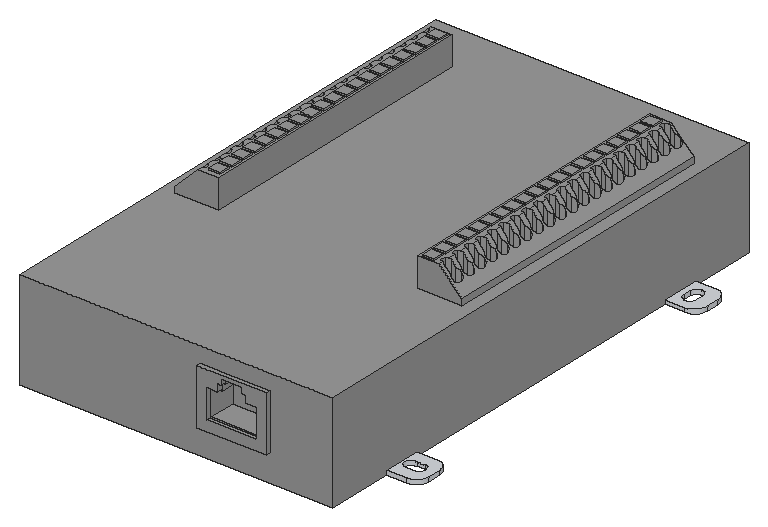
Revit family "IO Controler MS660404M", category Datengeräte, Revit 2023
Family settings
  Bemaßung runder Anschluss = Durchmesser verwenden
  Teiletyp = Normal
  OmniClass-Nummer = 23.85.50.17
  OmniClass-Titel = Communication and Data Processing Equipment
  Arbeitsebenenbasiert = Nein
  Immer vertikal = Ja
  Beim Laden mit Abzugskörper schneiden = Nein
  Beschriftungsausrichtung beibehalten = Nein
  Gemeinsam genutzt = Nein
  Raumberechnungspunkt = Nein
Parameters (values of type "I/O Controler MS660404M")
  Vorgabe-Ansicht = 0 mm
  Material 2 = Kunststoff
  Material = Metallverkleidung
  Interface 3 = "2x 24VDC Output"
  Hersteller = "MICROSENS"
  Beschreibung = "Smart I/O Controller Digital / Analog"
  Interface 4 = "1x 24VDC Input"
  Artikelnummer = "MS660404M"
  Interface 5 = "1x 10/100TX RJ-45 PoE+ PD"
  Interface 2 = "4x I/O Output"
  Interface 1 = "10x I/O Input"
Reference planes
  plane 1 "Mitte (Vorne/Hinten)": y = 0
  plane 2: z = 0
  plane 3 "Mitte (Links/Rechts)": x = 0
Forms (mm)
  Extrusion 1, solid, material "Kunststoff" <- "Material 2"
    sketch origin (3.16, 4.554, 0) x (1, 0, 0) y (0, 1, 0)
      loop
        line (-41.16, 58.646) -> (-41.16, -67.754) -> (34.875, -67.754) -> (34.875, 58.646) -> (-41.16, 58.646)
    from 0 to 23.973
  Extrusion 2, solid
    sketch origin (0, -0.01, 0) x (1, 0, 0) y (0, 1, 0)
      loop
        line (-38.035, 46.952) -> (-43.035, 46.952)
        arc (-43.035, 46.952) -> (-45.157, 46.073) -> (-46.035, 43.952) r 3
        line (-46.035, 43.952) -> (-46.035, 40.752)
        arc (-46.035, 40.752) -> (-45.157, 38.631) -> (-43.035, 37.752) r 3
        line (-43.035, 37.752) -> (-38.035, 37.752) -> (-38.035, 46.952)
      loop
        arc (-42.435, 43.952) -> (-44.035, 42.352) -> (-42.435, 40.752) r 1.6
        line (-42.435, 40.752) -> (-40.435, 40.752)
        arc (-40.435, 40.752) -> (-38.835, 42.352) -> (-40.435, 43.952) r 1.6
        line (-40.435, 43.952) -> (-42.435, 43.952)
    from 0 to 1
  Extrusion 3, solid
    sketch origin (0, -0.01, 0) x (-1, 0, 0) y (0, -1, 0)
      loop
        line (-38.035, -46.952) -> (-38.035, -37.752) -> (-43.035, -37.752)
        arc (-43.035, -37.752) -> (-45.157, -38.631) -> (-46.035, -40.752) r 3
        line (-46.035, -40.752) -> (-46.035, -43.952)
        arc (-46.035, -43.952) -> (-45.157, -46.073) -> (-43.035, -46.952) r 3
        line (-43.035, -46.952) -> (-38.035, -46.952)
      loop
        arc (-42.965, -43.363) -> (-41.365, -44.963) -> (-39.765, -43.363) r 1.6
        line (-39.765, -43.363) -> (-39.765, -41.363)
        arc (-39.765, -41.363) -> (-41.365, -39.763) -> (-42.965, -41.363) r 1.6
        line (-42.965, -41.363) -> (-42.965, -43.363)
    from 0 to 1
  Extrusion 4, solid
    sketch origin (0, 0.01, 0) x (-1, 0, 0) y (0, -1, 0)
      loop
        line (-38.035, 46.952) -> (-43.035, 46.952)
        arc (-43.035, 46.952) -> (-45.157, 46.073) -> (-46.035, 43.952) r 3
        line (-46.035, 43.952) -> (-46.035, 40.752)
        arc (-46.035, 40.752) -> (-45.157, 38.631) -> (-43.035, 37.752) r 3
        line (-43.035, 37.752) -> (-38.035, 37.752) -> (-38.035, 46.952)
      loop
        arc (-42.435, 43.952) -> (-44.035, 42.352) -> (-42.435, 40.752) r 1.6
        line (-42.435, 40.752) -> (-40.435, 40.752)
        arc (-40.435, 40.752) -> (-38.835, 42.352) -> (-40.435, 43.952) r 1.6
        line (-40.435, 43.952) -> (-42.435, 43.952)
    from 0 to 1
  Extrusion 5, solid, material "Metallverkleidung" <- "Material"
    sketch origin (0, 0.01, 0) x (1, 0, 0) y (0, 1, 0)
      loop
        line (-38, -46.952) -> (-38, -37.752) -> (-43.035, -37.752)
        arc (-43.035, -37.752) -> (-45.157, -38.631) -> (-46.035, -40.752) r 3
        line (-46.035, -40.752) -> (-46.035, -43.952)
        arc (-46.035, -43.952) -> (-45.157, -46.073) -> (-43.035, -46.952) r 3
        line (-43.035, -46.952) -> (-38, -46.952)
      loop
        arc (-39.835, -41.408) -> (-41.435, -39.808) -> (-43.035, -41.408) r 1.6
        line (-43.035, -41.408) -> (-43.035, -43.408)
        arc (-43.035, -43.408) -> (-41.435, -45.008) -> (-39.835, -43.408) r 1.6
        line (-39.835, -43.408) -> (-39.835, -41.408)
    from 0 to 1
  Extrusion 6, solid, material "Kunststoff" <- "Material 2"
    sketch origin (-1.331, 0, -2.5) x (1, 0, 0) y (0, 0, 1)
      loop
        line (36.207, 26.473) -> (36.207, 27.874) -> (30.627, 33.454) -> (25.541, 33.454) -> (25.541, 26.473) -> (36.207, 26.473)
    from -50.477 to 20.023
  Extrusion 7, solid, material "Kunststoff" <- "Material 2"
    sketch origin (0, 0, 0) x (1, 0, 0) y (0, 1, 0)
      loop
        line (24.915, -19.523) -> (27.715, -19.523) -> (27.715, -16.823) -> (24.915, -16.823) -> (24.915, -19.523)
    from 30.954 to 31.282
  Extrusion 8, solid, material "Kunststoff" <- "Material 2"
    sketch origin (0, 3.5, 0) x (1, 0, 0) y (0, 1, 0)
      loop
        line (24.915, -19.523) -> (27.715, -19.523) -> (27.715, -16.823) -> (24.915, -16.823) -> (24.915, -19.523)
    from 30.954 to 31.282
  Extrusion 9, solid, material "Kunststoff" <- "Material 2"
    sketch origin (0, 7, 0) x (1, 0, 0) y (0, 1, 0)
      loop
        line (24.915, -19.523) -> (27.715, -19.523) -> (27.715, -16.823) -> (24.915, -16.823) -> (24.915, -19.523)
    from 30.954 to 31.282
  Extrusion 10, solid, material "Kunststoff" <- "Material 2"
    sketch origin (0, 10.5, 0) x (1, 0, 0) y (0, 1, 0)
      loop
        line (24.915, -19.523) -> (27.715, -19.523) -> (27.715, -16.823) -> (24.915, -16.823) -> (24.915, -19.523)
    from 30.954 to 31.282
  Extrusion 11, solid, material "Kunststoff" <- "Material 2"
    sketch origin (0, 14, 0) x (1, 0, 0) y (0, 1, 0)
      loop
        line (24.915, -19.523) -> (27.715, -19.523) -> (27.715, -16.823) -> (24.915, -16.823) -> (24.915, -19.523)
    from 30.954 to 31.282
  Extrusion 12, solid, material "Kunststoff" <- "Material 2"
    sketch origin (0, 17.5, 0) x (1, 0, 0) y (0, 1, 0)
      loop
        line (24.915, -19.523) -> (27.715, -19.523) -> (27.715, -16.823) -> (24.915, -16.823) -> (24.915, -19.523)
    from 30.954 to 31.282
  Extrusion 13, solid, material "Kunststoff" <- "Material 2"
    sketch origin (0, 21, 0) x (1, 0, 0) y (0, 1, 0)
      loop
        line (24.915, -19.523) -> (27.715, -19.523) -> (27.715, -16.823) -> (24.915, -16.823) -> (24.915, -19.523)
    from 30.954 to 31.282
  Extrusion 14, solid, material "Kunststoff" <- "Material 2"
    sketch origin (0, 24.5, 0) x (1, 0, 0) y (0, 1, 0)
      loop
        line (24.915, -19.523) -> (27.715, -19.523) -> (27.715, -16.823) -> (24.915, -16.823) -> (24.915, -19.523)
    from 30.954 to 31.282
  Extrusion 15, solid, material "Kunststoff" <- "Material 2"
    sketch origin (0, 28, 0) x (1, 0, 0) y (0, 1, 0)
      loop
        line (24.915, -19.523) -> (27.715, -19.523) -> (27.715, -16.823) -> (24.915, -16.823) -> (24.915, -19.523)
    from 30.954 to 31.282
  Extrusion 16, solid, material "Kunststoff" <- "Material 2"
    sketch origin (0, 31.5, 0) x (1, 0, 0) y (0, 1, 0)
      loop
        line (24.915, -19.523) -> (27.715, -19.523) -> (27.715, -16.823) -> (24.915, -16.823) -> (24.915, -19.523)
    from 30.954 to 31.282
  Extrusion 17, solid, material "Kunststoff" <- "Material 2"
    sketch origin (0, 35, 0) x (1, 0, 0) y (0, 1, 0)
      loop
        line (24.915, -19.523) -> (27.715, -19.523) -> (27.715, -16.823) -> (24.915, -16.823) -> (24.915, -19.523)
    from 30.954 to 31.282
  Extrusion 18, solid, material "Kunststoff" <- "Material 2"
    sketch origin (0, 38.5, 0) x (1, 0, 0) y (0, 1, 0)
      loop
        line (24.915, -19.523) -> (27.715, -19.523) -> (27.715, -16.823) -> (24.915, -16.823) -> (24.915, -19.523)
    from 30.954 to 31.282
  Extrusion 19, solid, material "Kunststoff" <- "Material 2"
    sketch origin (0, 42, 0) x (1, 0, 0) y (0, 1, 0)
      loop
        line (24.915, -19.523) -> (27.715, -19.523) -> (27.715, -16.823) -> (24.915, -16.823) -> (24.915, -19.523)
    from 30.954 to 31.282
  Extrusion 20, solid, material "Kunststoff" <- "Material 2"
    sketch origin (0, 45.5, 0) x (1, 0, 0) y (0, 1, 0)
      loop
        line (24.915, -19.523) -> (27.715, -19.523) -> (27.715, -16.823) -> (24.915, -16.823) -> (24.915, -19.523)
    from 30.954 to 31.282
  Extrusion 21, solid, material "Kunststoff" <- "Material 2"
    sketch origin (0, 49, 0) x (1, 0, 0) y (0, 1, 0)
      loop
        line (24.915, -19.523) -> (27.715, -19.523) -> (27.715, -16.823) -> (24.915, -16.823) -> (24.915, -19.523)
    from 30.954 to 31.282
  Extrusion 22, solid, material "Kunststoff" <- "Material 2"
    sketch origin (0, 52.5, 0) x (1, 0, 0) y (0, 1, 0)
      loop
        line (24.915, -19.523) -> (27.715, -19.523) -> (27.715, -16.823) -> (24.915, -16.823) -> (24.915, -19.523)
    from 30.954 to 31.282
  Extrusion 23, solid, material "Kunststoff" <- "Material 2"
    sketch origin (0, 56, 0) x (1, 0, 0) y (0, 1, 0)
      loop
        line (24.915, -19.523) -> (27.715, -19.523) -> (27.715, -16.823) -> (24.915, -16.823) -> (24.915, -19.523)
    from 30.954 to 31.282
  Extrusion 24, solid, material "Kunststoff" <- "Material 2"
    sketch origin (0, 59.5, 0) x (1, 0, 0) y (0, 1, 0)
      loop
        line (24.915, -19.523) -> (27.715, -19.523) -> (27.715, -16.823) -> (24.915, -16.823) -> (24.915, -19.523)
    from 30.954 to 31.282
  Extrusion 25, solid, material "Kunststoff" <- "Material 2"
    sketch origin (0, 63, 0) x (1, 0, 0) y (0, 1, 0)
      loop
        line (24.915, -19.523) -> (27.715, -19.523) -> (27.715, -16.823) -> (24.915, -16.823) -> (24.915, -19.523)
    from 30.954 to 31.282
  Extrusion 26, solid, material "Kunststoff" <- "Material 2"
    sketch origin (0, 66.5, 0) x (1, 0, 0) y (0, 1, 0)
      loop
        line (24.915, -19.523) -> (27.715, -19.523) -> (27.715, -16.823) -> (24.915, -16.823) -> (24.915, -19.523)
    from 30.954 to 31.282
  Extrusion 27, void
    sketch origin (8.123, 3.438, 0) x (1, 0, 0) y (0, 1, 0)
      loop
        arc (20.475, -17.212) -> (20.392, -17.759) -> (20.463, -18.308) r 1.991
        line (20.463, -18.308) -> (21.388, -18.842) -> (22.682, -18.842) -> (23.589, -19.366) -> (24.372, -19.001) -> (24.787, -18.121)
        arc (24.787, -18.121) -> (24.798, -17.59) -> (24.714, -17.066) r 3
        line (24.714, -17.066) -> (24.308, -16.315) -> (23.48, -16.014) -> (22.7, -16.561) -> (21.406, -16.561) -> (20.475, -17.212)
    from 23.973 to 33.421
  Extrusion 28, void
    sketch origin (8.123, 6.938, 0) x (1, 0, 0) y (0, 1, 0)
      loop
        arc (20.475, -17.212) -> (20.392, -17.759) -> (20.463, -18.308) r 1.991
        line (20.463, -18.308) -> (21.388, -18.842) -> (22.682, -18.842) -> (23.589, -19.366) -> (24.372, -19.001) -> (24.787, -18.121)
        arc (24.787, -18.121) -> (24.798, -17.59) -> (24.714, -17.066) r 3
        line (24.714, -17.066) -> (24.308, -16.315) -> (23.48, -16.014) -> (22.7, -16.561) -> (21.406, -16.561) -> (20.475, -17.212)
    from 23.973 to 33.421
  Extrusion 29, void
    sketch origin (8.123, 10.438, 0) x (1, 0, 0) y (0, 1, 0)
      loop
        arc (20.475, -17.212) -> (20.392, -17.759) -> (20.463, -18.308) r 1.991
        line (20.463, -18.308) -> (21.388, -18.842) -> (22.682, -18.842) -> (23.589, -19.366) -> (24.372, -19.001) -> (24.787, -18.121)
        arc (24.787, -18.121) -> (24.798, -17.59) -> (24.714, -17.066) r 3
        line (24.714, -17.066) -> (24.308, -16.315) -> (23.48, -16.014) -> (22.7, -16.561) -> (21.406, -16.561) -> (20.475, -17.212)
    from 23.973 to 33.421
  Extrusion 30, void
    sketch origin (8.123, 13.938, 0) x (1, 0, 0) y (0, 1, 0)
      loop
        arc (20.475, -17.212) -> (20.392, -17.759) -> (20.463, -18.308) r 1.991
        line (20.463, -18.308) -> (21.388, -18.842) -> (22.682, -18.842) -> (23.589, -19.366) -> (24.372, -19.001) -> (24.787, -18.121)
        arc (24.787, -18.121) -> (24.798, -17.59) -> (24.714, -17.066) r 3
        line (24.714, -17.066) -> (24.308, -16.315) -> (23.48, -16.014) -> (22.7, -16.561) -> (21.406, -16.561) -> (20.475, -17.212)
    from 23.973 to 33.421
  Extrusion 31, void
    sketch origin (8.123, 17.438, 0) x (1, 0, 0) y (0, 1, 0)
      loop
        arc (20.475, -17.212) -> (20.392, -17.759) -> (20.463, -18.308) r 1.991
        line (20.463, -18.308) -> (21.388, -18.842) -> (22.682, -18.842) -> (23.589, -19.366) -> (24.372, -19.001) -> (24.787, -18.121)
        arc (24.787, -18.121) -> (24.798, -17.59) -> (24.714, -17.066) r 3
        line (24.714, -17.066) -> (24.308, -16.315) -> (23.48, -16.014) -> (22.7, -16.561) -> (21.406, -16.561) -> (20.475, -17.212)
    from 23.973 to 33.421
  Extrusion 32, void
    sketch origin (8.123, 20.938, 0) x (1, 0, 0) y (0, 1, 0)
      loop
        arc (20.475, -17.212) -> (20.392, -17.759) -> (20.463, -18.308) r 1.991
        line (20.463, -18.308) -> (21.388, -18.842) -> (22.682, -18.842) -> (23.589, -19.366) -> (24.372, -19.001) -> (24.787, -18.121)
        arc (24.787, -18.121) -> (24.798, -17.59) -> (24.714, -17.066) r 3
        line (24.714, -17.066) -> (24.308, -16.315) -> (23.48, -16.014) -> (22.7, -16.561) -> (21.406, -16.561) -> (20.475, -17.212)
    from 23.973 to 33.421
  Extrusion 33, void
    sketch origin (8.123, 24.438, 0) x (1, 0, 0) y (0, 1, 0)
      loop
        arc (20.475, -17.212) -> (20.392, -17.759) -> (20.463, -18.308) r 1.991
        line (20.463, -18.308) -> (21.388, -18.842) -> (22.682, -18.842) -> (23.589, -19.366) -> (24.372, -19.001) -> (24.787, -18.121)
        arc (24.787, -18.121) -> (24.798, -17.59) -> (24.714, -17.066) r 3
        line (24.714, -17.066) -> (24.308, -16.315) -> (23.48, -16.014) -> (22.7, -16.561) -> (21.406, -16.561) -> (20.475, -17.212)
    from 23.973 to 33.421
  Extrusion 34, void
    sketch origin (8.123, 27.938, 0) x (1, 0, 0) y (0, 1, 0)
      loop
        arc (20.475, -17.212) -> (20.392, -17.759) -> (20.463, -18.308) r 1.991
        line (20.463, -18.308) -> (21.388, -18.842) -> (22.682, -18.842) -> (23.589, -19.366) -> (24.372, -19.001) -> (24.787, -18.121)
        arc (24.787, -18.121) -> (24.798, -17.59) -> (24.714, -17.066) r 3
        line (24.714, -17.066) -> (24.308, -16.315) -> (23.48, -16.014) -> (22.7, -16.561) -> (21.406, -16.561) -> (20.475, -17.212)
    from 23.973 to 33.421
  Extrusion 35, void
    sketch origin (8.123, 31.438, 0) x (1, 0, 0) y (0, 1, 0)
      loop
        arc (20.475, -17.212) -> (20.392, -17.759) -> (20.463, -18.308) r 1.991
        line (20.463, -18.308) -> (21.388, -18.842) -> (22.682, -18.842) -> (23.589, -19.366) -> (24.372, -19.001) -> (24.787, -18.121)
        arc (24.787, -18.121) -> (24.798, -17.59) -> (24.714, -17.066) r 3
        line (24.714, -17.066) -> (24.308, -16.315) -> (23.48, -16.014) -> (22.7, -16.561) -> (21.406, -16.561) -> (20.475, -17.212)
    from 23.973 to 33.421
  Extrusion 36, void
    sketch origin (8.123, 34.938, 0) x (1, 0, 0) y (0, 1, 0)
      loop
        arc (20.475, -17.212) -> (20.392, -17.759) -> (20.463, -18.308) r 1.991
        line (20.463, -18.308) -> (21.388, -18.842) -> (22.682, -18.842) -> (23.589, -19.366) -> (24.372, -19.001) -> (24.787, -18.121)
        arc (24.787, -18.121) -> (24.798, -17.59) -> (24.714, -17.066) r 3
        line (24.714, -17.066) -> (24.308, -16.315) -> (23.48, -16.014) -> (22.7, -16.561) -> (21.406, -16.561) -> (20.475, -17.212)
    from 23.973 to 33.421
  Extrusion 37, void
    sketch origin (8.123, 38.438, 0) x (1, 0, 0) y (0, 1, 0)
      loop
        arc (20.475, -17.212) -> (20.392, -17.759) -> (20.463, -18.308) r 1.991
        line (20.463, -18.308) -> (21.388, -18.842) -> (22.682, -18.842) -> (23.589, -19.366) -> (24.372, -19.001) -> (24.787, -18.121)
        arc (24.787, -18.121) -> (24.798, -17.59) -> (24.714, -17.066) r 3
        line (24.714, -17.066) -> (24.308, -16.315) -> (23.48, -16.014) -> (22.7, -16.561) -> (21.406, -16.561) -> (20.475, -17.212)
    from 23.973 to 33.421
  Extrusion 38, void
    sketch origin (8.123, 41.938, 0) x (1, 0, 0) y (0, 1, 0)
      loop
        arc (20.475, -17.212) -> (20.392, -17.759) -> (20.463, -18.308) r 1.991
        line (20.463, -18.308) -> (21.388, -18.842) -> (22.682, -18.842) -> (23.589, -19.366) -> (24.372, -19.001) -> (24.787, -18.121)
        arc (24.787, -18.121) -> (24.798, -17.59) -> (24.714, -17.066) r 3
        line (24.714, -17.066) -> (24.308, -16.315) -> (23.48, -16.014) -> (22.7, -16.561) -> (21.406, -16.561) -> (20.475, -17.212)
    from 23.973 to 33.421
  Extrusion 39, void
    sketch origin (8.123, 45.438, 0) x (1, 0, 0) y (0, 1, 0)
      loop
        arc (20.475, -17.212) -> (20.392, -17.759) -> (20.463, -18.308) r 1.991
        line (20.463, -18.308) -> (21.388, -18.842) -> (22.682, -18.842) -> (23.589, -19.366) -> (24.372, -19.001) -> (24.787, -18.121)
        arc (24.787, -18.121) -> (24.798, -17.59) -> (24.714, -17.066) r 3
        line (24.714, -17.066) -> (24.308, -16.315) -> (23.48, -16.014) -> (22.7, -16.561) -> (21.406, -16.561) -> (20.475, -17.212)
    from 23.973 to 33.421
  Extrusion 40, void
    sketch origin (8.123, 48.938, 0) x (1, 0, 0) y (0, 1, 0)
      loop
        arc (20.475, -17.212) -> (20.392, -17.759) -> (20.463, -18.308) r 1.991
        line (20.463, -18.308) -> (21.388, -18.842) -> (22.682, -18.842) -> (23.589, -19.366) -> (24.372, -19.001) -> (24.787, -18.121)
        arc (24.787, -18.121) -> (24.798, -17.59) -> (24.714, -17.066) r 3
        line (24.714, -17.066) -> (24.308, -16.315) -> (23.48, -16.014) -> (22.7, -16.561) -> (21.406, -16.561) -> (20.475, -17.212)
    from 23.973 to 33.421
  Extrusion 41, void
    sketch origin (8.123, 52.438, 0) x (1, 0, 0) y (0, 1, 0)
      loop
        arc (20.475, -17.212) -> (20.392, -17.759) -> (20.463, -18.308) r 1.991
        line (20.463, -18.308) -> (21.388, -18.842) -> (22.682, -18.842) -> (23.589, -19.366) -> (24.372, -19.001) -> (24.787, -18.121)
        arc (24.787, -18.121) -> (24.798, -17.59) -> (24.714, -17.066) r 3
        line (24.714, -17.066) -> (24.308, -16.315) -> (23.48, -16.014) -> (22.7, -16.561) -> (21.406, -16.561) -> (20.475, -17.212)
    from 23.973 to 33.421
  Extrusion 42, void
    sketch origin (8.123, 55.938, 0) x (1, 0, 0) y (0, 1, 0)
      loop
        arc (20.475, -17.212) -> (20.392, -17.759) -> (20.463, -18.308) r 1.991
        line (20.463, -18.308) -> (21.388, -18.842) -> (22.682, -18.842) -> (23.589, -19.366) -> (24.372, -19.001) -> (24.787, -18.121)
        arc (24.787, -18.121) -> (24.798, -17.59) -> (24.714, -17.066) r 3
        line (24.714, -17.066) -> (24.308, -16.315) -> (23.48, -16.014) -> (22.7, -16.561) -> (21.406, -16.561) -> (20.475, -17.212)
    from 23.973 to 33.421
  Extrusion 43, void
    sketch origin (8.123, 59.438, 0) x (1, 0, 0) y (0, 1, 0)
      loop
        arc (20.475, -17.212) -> (20.392, -17.759) -> (20.463, -18.308) r 1.991
        line (20.463, -18.308) -> (21.388, -18.842) -> (22.682, -18.842) -> (23.589, -19.366) -> (24.372, -19.001) -> (24.787, -18.121)
        arc (24.787, -18.121) -> (24.798, -17.59) -> (24.714, -17.066) r 3
        line (24.714, -17.066) -> (24.308, -16.315) -> (23.48, -16.014) -> (22.7, -16.561) -> (21.406, -16.561) -> (20.475, -17.212)
    from 23.973 to 33.421
  Extrusion 44, void
    sketch origin (8.123, 62.938, 0) x (1, 0, 0) y (0, 1, 0)
      loop
        arc (20.475, -17.212) -> (20.392, -17.759) -> (20.463, -18.308) r 1.991
        line (20.463, -18.308) -> (21.388, -18.842) -> (22.682, -18.842) -> (23.589, -19.366) -> (24.372, -19.001) -> (24.787, -18.121)
        arc (24.787, -18.121) -> (24.798, -17.59) -> (24.714, -17.066) r 3
        line (24.714, -17.066) -> (24.308, -16.315) -> (23.48, -16.014) -> (22.7, -16.561) -> (21.406, -16.561) -> (20.475, -17.212)
    from 23.973 to 33.421
  Extrusion 45, void
    sketch origin (8.12, 66.501, 0) x (1, 0, 0) y (0, 1, 0)
      loop
        arc (20.475, -17.212) -> (20.392, -17.759) -> (20.463, -18.308) r 1.991
        line (20.463, -18.308) -> (21.388, -18.842) -> (22.682, -18.842) -> (23.589, -19.366) -> (24.372, -19.001) -> (24.787, -18.121)
        arc (24.787, -18.121) -> (24.798, -17.59) -> (24.714, -17.066) r 3
        line (24.714, -17.066) -> (24.308, -16.315) -> (23.48, -16.014) -> (22.7, -16.561) -> (21.406, -16.561) -> (20.475, -17.212)
    from 23.973 to 33.421
  Extrusion 46, void
    sketch origin (8.125, -0.119, 0) x (1, 0, 0) y (0, 1, 0)
      loop
        arc (20.475, -17.212) -> (20.392, -17.759) -> (20.463, -18.308) r 1.991
        line (20.463, -18.308) -> (21.388, -18.842) -> (22.682, -18.842) -> (23.589, -19.366) -> (24.372, -19.001) -> (24.787, -18.121)
        arc (24.787, -18.121) -> (24.798, -17.59) -> (24.714, -17.066) r 3
        line (24.714, -17.066) -> (24.308, -16.315) -> (23.48, -16.014) -> (22.7, -16.561) -> (21.406, -16.561) -> (20.475, -17.212)
    from 23.973 to 33.421
  Extrusion 47, solid, material "Kunststoff" <- "Material 2"
    sketch origin (1.26, 30.954, -2.5) x (-1, 0, 0) y (0, 0, 1)
      loop
        line (36.207, 26.473) -> (36.207, 27.874) -> (30.627, 33.454) -> (25.541, 33.454) -> (25.541, 26.473) -> (36.207, 26.473)
    from -50.977 to 20.023
  Extrusion 48, solid, material "Kunststoff" <- "Material 2"
    sketch origin (-0.071, 30.954, 0) x (-1, 0, 0) y (0, -1, 0)
      loop
        line (24.915, -19.523) -> (27.715, -19.523) -> (27.715, -16.823) -> (24.915, -16.823) -> (24.915, -19.523)
    from 30.954 to 31.282
  Extrusion 49, solid, material "Kunststoff" <- "Material 2"
    sketch origin (-0.071, 27.454, 0) x (-1, 0, 0) y (0, -1, 0)
      loop
        line (24.915, -19.523) -> (27.715, -19.523) -> (27.715, -16.823) -> (24.915, -16.823) -> (24.915, -19.523)
    from 30.954 to 31.282
  Extrusion 50, solid, material "Kunststoff" <- "Material 2"
    sketch origin (-0.071, 23.954, 0) x (-1, 0, 0) y (0, -1, 0)
      loop
        line (24.915, -19.523) -> (27.715, -19.523) -> (27.715, -16.823) -> (24.915, -16.823) -> (24.915, -19.523)
    from 30.954 to 31.282
  Extrusion 51, solid, material "Kunststoff" <- "Material 2"
    sketch origin (-0.071, 20.454, 0) x (-1, 0, 0) y (0, -1, 0)
      loop
        line (24.915, -19.523) -> (27.715, -19.523) -> (27.715, -16.823) -> (24.915, -16.823) -> (24.915, -19.523)
    from 30.954 to 31.282
  Extrusion 52, solid, material "Kunststoff" <- "Material 2"
    sketch origin (-0.071, 16.954, 0) x (-1, 0, 0) y (0, -1, 0)
      loop
        line (24.915, -19.523) -> (27.715, -19.523) -> (27.715, -16.823) -> (24.915, -16.823) -> (24.915, -19.523)
    from 30.954 to 31.282
  Extrusion 53, solid, material "Kunststoff" <- "Material 2"
    sketch origin (-0.071, 13.454, 0) x (-1, 0, 0) y (0, -1, 0)
      loop
        line (24.915, -19.523) -> (27.715, -19.523) -> (27.715, -16.823) -> (24.915, -16.823) -> (24.915, -19.523)
    from 30.954 to 31.282
  Extrusion 54, solid, material "Kunststoff" <- "Material 2"
    sketch origin (-0.071, 9.954, 0) x (-1, 0, 0) y (0, -1, 0)
      loop
        line (24.915, -19.523) -> (27.715, -19.523) -> (27.715, -16.823) -> (24.915, -16.823) -> (24.915, -19.523)
    from 30.954 to 31.282
  Extrusion 55, solid, material "Kunststoff" <- "Material 2"
    sketch origin (-0.071, 6.454, 0) x (-1, 0, 0) y (0, -1, 0)
      loop
        line (24.915, -19.523) -> (27.715, -19.523) -> (27.715, -16.823) -> (24.915, -16.823) -> (24.915, -19.523)
    from 30.954 to 31.282
  Extrusion 56, solid, material "Kunststoff" <- "Material 2"
    sketch origin (-0.071, 2.954, 0) x (-1, 0, 0) y (0, -1, 0)
      loop
        line (24.915, -19.523) -> (27.715, -19.523) -> (27.715, -16.823) -> (24.915, -16.823) -> (24.915, -19.523)
    from 30.954 to 31.282
  Extrusion 57, solid, material "Kunststoff" <- "Material 2"
    sketch origin (-0.071, -0.546, 0) x (-1, 0, 0) y (0, -1, 0)
      loop
        line (24.915, -19.523) -> (27.715, -19.523) -> (27.715, -16.823) -> (24.915, -16.823) -> (24.915, -19.523)
    from 30.954 to 31.282
  Extrusion 58, solid, material "Kunststoff" <- "Material 2"
    sketch origin (-0.071, -4.046, 0) x (-1, 0, 0) y (0, -1, 0)
      loop
        line (24.915, -19.523) -> (27.715, -19.523) -> (27.715, -16.823) -> (24.915, -16.823) -> (24.915, -19.523)
    from 30.954 to 31.282
  Extrusion 59, solid, material "Kunststoff" <- "Material 2"
    sketch origin (-0.071, -7.546, 0) x (-1, 0, 0) y (0, -1, 0)
      loop
        line (24.915, -19.523) -> (27.715, -19.523) -> (27.715, -16.823) -> (24.915, -16.823) -> (24.915, -19.523)
    from 30.954 to 31.282
  Extrusion 60, solid, material "Kunststoff" <- "Material 2"
    sketch origin (-0.071, -11.046, 0) x (-1, 0, 0) y (0, -1, 0)
      loop
        line (24.915, -19.523) -> (27.715, -19.523) -> (27.715, -16.823) -> (24.915, -16.823) -> (24.915, -19.523)
    from 30.954 to 31.282
  Extrusion 61, solid, material "Kunststoff" <- "Material 2"
    sketch origin (-0.071, -14.546, 0) x (-1, 0, 0) y (0, -1, 0)
      loop
        line (24.915, -19.523) -> (27.715, -19.523) -> (27.715, -16.823) -> (24.915, -16.823) -> (24.915, -19.523)
    from 30.954 to 31.282
  Extrusion 62, solid, material "Kunststoff" <- "Material 2"
    sketch origin (-0.071, -18.046, 0) x (-1, 0, 0) y (0, -1, 0)
      loop
        line (24.915, -19.523) -> (27.715, -19.523) -> (27.715, -16.823) -> (24.915, -16.823) -> (24.915, -19.523)
    from 30.954 to 31.282
  Extrusion 63, solid, material "Kunststoff" <- "Material 2"
    sketch origin (-0.071, -21.546, 0) x (-1, 0, 0) y (0, -1, 0)
      loop
        line (24.915, -19.523) -> (27.715, -19.523) -> (27.715, -16.823) -> (24.915, -16.823) -> (24.915, -19.523)
    from 30.954 to 31.282
  Extrusion 64, solid, material "Kunststoff" <- "Material 2"
    sketch origin (-0.071, -25.046, 0) x (-1, 0, 0) y (0, -1, 0)
      loop
        line (24.915, -19.523) -> (27.715, -19.523) -> (27.715, -16.823) -> (24.915, -16.823) -> (24.915, -19.523)
    from 30.954 to 31.282
  Extrusion 65, solid, material "Kunststoff" <- "Material 2"
    sketch origin (-0.071, -28.546, 0) x (-1, 0, 0) y (0, -1, 0)
      loop
        line (24.915, -19.523) -> (27.715, -19.523) -> (27.715, -16.823) -> (24.915, -16.823) -> (24.915, -19.523)
    from 30.954 to 31.282
  Extrusion 66, solid, material "Kunststoff" <- "Material 2"
    sketch origin (-0.071, -32.046, 0) x (-1, 0, 0) y (0, -1, 0)
      loop
        line (24.915, -19.523) -> (27.715, -19.523) -> (27.715, -16.823) -> (24.915, -16.823) -> (24.915, -19.523)
    from 30.954 to 31.282
  Extrusion 67, solid, material "Kunststoff" <- "Material 2"
    sketch origin (-0.071, -35.546, 0) x (-1, 0, 0) y (0, -1, 0)
      loop
        line (24.915, -19.523) -> (27.715, -19.523) -> (27.715, -16.823) -> (24.915, -16.823) -> (24.915, -19.523)
    from 30.954 to 31.282
  Extrusion 68, void
    sketch origin (-8.194, 27.868, 0) x (-1, 0, 0) y (0, -1, 0)
      loop
        arc (20.475, -17.212) -> (20.392, -17.759) -> (20.463, -18.308) r 1.991
        line (20.463, -18.308) -> (21.388, -18.842) -> (22.682, -18.842) -> (23.589, -19.366) -> (24.372, -19.001) -> (24.787, -18.121)
        arc (24.787, -18.121) -> (24.798, -17.59) -> (24.714, -17.066) r 3
        line (24.714, -17.066) -> (24.308, -16.315) -> (23.48, -16.014) -> (22.7, -16.561) -> (21.406, -16.561) -> (20.475, -17.212)
    from 23.973 to 33.421
  Extrusion 69, void
    sketch origin (-8.194, 31.399, 0) x (-1, 0, 0) y (0, -1, 0)
      loop
        arc (20.475, -17.212) -> (20.392, -17.759) -> (20.463, -18.308) r 1.991
        line (20.463, -18.308) -> (21.388, -18.842) -> (22.682, -18.842) -> (23.589, -19.366) -> (24.372, -19.001) -> (24.787, -18.121)
        arc (24.787, -18.121) -> (24.798, -17.59) -> (24.714, -17.066) r 3
        line (24.714, -17.066) -> (24.308, -16.315) -> (23.48, -16.014) -> (22.7, -16.561) -> (21.406, -16.561) -> (20.475, -17.212)
    from 23.973 to 33.421
  Extrusion 70, void
    sketch origin (-8.194, 24.354, 0) x (-1, 0, 0) y (0, -1, 0)
      loop
        arc (20.475, -17.212) -> (20.392, -17.759) -> (20.463, -18.308) r 1.991
        line (20.463, -18.308) -> (21.388, -18.842) -> (22.682, -18.842) -> (23.589, -19.366) -> (24.372, -19.001) -> (24.787, -18.121)
        arc (24.787, -18.121) -> (24.798, -17.59) -> (24.714, -17.066) r 3
        line (24.714, -17.066) -> (24.308, -16.315) -> (23.48, -16.014) -> (22.7, -16.561) -> (21.406, -16.561) -> (20.475, -17.212)
    from 23.973 to 33.421
  Extrusion 71, void
    sketch origin (-8.198, 20.804, 0) x (-1, 0, 0) y (0, -1, 0)
      loop
        arc (20.475, -17.212) -> (20.392, -17.759) -> (20.463, -18.308) r 1.991
        line (20.463, -18.308) -> (21.388, -18.842) -> (22.682, -18.842) -> (23.589, -19.366) -> (24.372, -19.001) -> (24.787, -18.121)
        arc (24.787, -18.121) -> (24.798, -17.59) -> (24.714, -17.066) r 3
        line (24.714, -17.066) -> (24.308, -16.315) -> (23.48, -16.014) -> (22.7, -16.561) -> (21.406, -16.561) -> (20.475, -17.212)
    from 23.973 to 33.421
  Extrusion 72, void
    sketch origin (-8.198, 17.21, 0) x (-1, 0, 0) y (0, -1, 0)
      loop
        arc (20.475, -17.212) -> (20.392, -17.759) -> (20.463, -18.308) r 1.991
        line (20.463, -18.308) -> (21.388, -18.842) -> (22.682, -18.842) -> (23.589, -19.366) -> (24.372, -19.001) -> (24.787, -18.121)
        arc (24.787, -18.121) -> (24.798, -17.59) -> (24.714, -17.066) r 3
        line (24.714, -17.066) -> (24.308, -16.315) -> (23.48, -16.014) -> (22.7, -16.561) -> (21.406, -16.561) -> (20.475, -17.212)
    from 23.973 to 33.421
  Extrusion 73, void
    sketch origin (-8.198, 13.694, 0) x (-1, 0, 0) y (0, -1, 0)
      loop
        arc (20.475, -17.212) -> (20.392, -17.759) -> (20.463, -18.308) r 1.991
        line (20.463, -18.308) -> (21.388, -18.842) -> (22.682, -18.842) -> (23.589, -19.366) -> (24.372, -19.001) -> (24.787, -18.121)
        arc (24.787, -18.121) -> (24.798, -17.59) -> (24.714, -17.066) r 3
        line (24.714, -17.066) -> (24.308, -16.315) -> (23.48, -16.014) -> (22.7, -16.561) -> (21.406, -16.561) -> (20.475, -17.212)
    from 23.973 to 33.421
  Extrusion 74, void
    sketch origin (-8.198, 10.087, 0) x (-1, 0, 0) y (0, -1, 0)
      loop
        arc (20.475, -17.212) -> (20.392, -17.759) -> (20.463, -18.308) r 1.991
        line (20.463, -18.308) -> (21.388, -18.842) -> (22.682, -18.842) -> (23.589, -19.366) -> (24.372, -19.001) -> (24.787, -18.121)
        arc (24.787, -18.121) -> (24.798, -17.59) -> (24.714, -17.066) r 3
        line (24.714, -17.066) -> (24.308, -16.315) -> (23.48, -16.014) -> (22.7, -16.561) -> (21.406, -16.561) -> (20.475, -17.212)
    from 23.973 to 33.421
  Extrusion 75, void
    sketch origin (-8.194, 3.031, 0) x (-1, 0, 0) y (0, -1, 0)
      loop
        arc (20.475, -17.212) -> (20.392, -17.759) -> (20.463, -18.308) r 1.991
        line (20.463, -18.308) -> (21.388, -18.842) -> (22.682, -18.842) -> (23.589, -19.366) -> (24.372, -19.001) -> (24.787, -18.121)
        arc (24.787, -18.121) -> (24.798, -17.59) -> (24.714, -17.066) r 3
        line (24.714, -17.066) -> (24.308, -16.315) -> (23.48, -16.014) -> (22.7, -16.561) -> (21.406, -16.561) -> (20.475, -17.212)
    from 23.973 to 33.421
  Extrusion 76, void
    sketch origin (-8.194, 6.562, 0) x (-1, 0, 0) y (0, -1, 0)
      loop
        arc (20.475, -17.212) -> (20.392, -17.759) -> (20.463, -18.308) r 1.991
        line (20.463, -18.308) -> (21.388, -18.842) -> (22.682, -18.842) -> (23.589, -19.366) -> (24.372, -19.001) -> (24.787, -18.121)
        arc (24.787, -18.121) -> (24.798, -17.59) -> (24.714, -17.066) r 3
        line (24.714, -17.066) -> (24.308, -16.315) -> (23.48, -16.014) -> (22.7, -16.561) -> (21.406, -16.561) -> (20.475, -17.212)
    from 23.973 to 33.421
  Extrusion 77, void
    sketch origin (-8.194, -0.482, 0) x (-1, 0, 0) y (0, -1, 0)
      loop
        arc (20.475, -17.212) -> (20.392, -17.759) -> (20.463, -18.308) r 1.991
        line (20.463, -18.308) -> (21.388, -18.842) -> (22.682, -18.842) -> (23.589, -19.366) -> (24.372, -19.001) -> (24.787, -18.121)
        arc (24.787, -18.121) -> (24.798, -17.59) -> (24.714, -17.066) r 3
        line (24.714, -17.066) -> (24.308, -16.315) -> (23.48, -16.014) -> (22.7, -16.561) -> (21.406, -16.561) -> (20.475, -17.212)
    from 23.973 to 33.421
  Extrusion 78, void
    sketch origin (-8.198, -4.033, 0) x (-1, 0, 0) y (0, -1, 0)
      loop
        arc (20.475, -17.212) -> (20.392, -17.759) -> (20.463, -18.308) r 1.991
        line (20.463, -18.308) -> (21.388, -18.842) -> (22.682, -18.842) -> (23.589, -19.366) -> (24.372, -19.001) -> (24.787, -18.121)
        arc (24.787, -18.121) -> (24.798, -17.59) -> (24.714, -17.066) r 3
        line (24.714, -17.066) -> (24.308, -16.315) -> (23.48, -16.014) -> (22.7, -16.561) -> (21.406, -16.561) -> (20.475, -17.212)
    from 23.973 to 33.421
  Extrusion 79, void
    sketch origin (-8.198, -7.549, 0) x (-1, 0, 0) y (0, -1, 0)
      loop
        arc (20.475, -17.212) -> (20.392, -17.759) -> (20.463, -18.308) r 1.991
        line (20.463, -18.308) -> (21.388, -18.842) -> (22.682, -18.842) -> (23.589, -19.366) -> (24.372, -19.001) -> (24.787, -18.121)
        arc (24.787, -18.121) -> (24.798, -17.59) -> (24.714, -17.066) r 3
        line (24.714, -17.066) -> (24.308, -16.315) -> (23.48, -16.014) -> (22.7, -16.561) -> (21.406, -16.561) -> (20.475, -17.212)
    from 23.973 to 33.421
  Extrusion 80, void
    sketch origin (-8.198, -11.046, 0) x (-1, 0, 0) y (0, -1, 0)
      loop
        arc (20.475, -17.212) -> (20.392, -17.759) -> (20.463, -18.308) r 1.991
        line (20.463, -18.308) -> (21.388, -18.842) -> (22.682, -18.842) -> (23.589, -19.366) -> (24.372, -19.001) -> (24.787, -18.121)
        arc (24.787, -18.121) -> (24.798, -17.59) -> (24.714, -17.066) r 3
        line (24.714, -17.066) -> (24.308, -16.315) -> (23.48, -16.014) -> (22.7, -16.561) -> (21.406, -16.561) -> (20.475, -17.212)
    from 23.973 to 33.421
  Extrusion 81, void
    sketch origin (-8.198, -14.555, 0) x (-1, 0, 0) y (0, -1, 0)
      loop
        arc (20.475, -17.212) -> (20.392, -17.759) -> (20.463, -18.308) r 1.991
        line (20.463, -18.308) -> (21.388, -18.842) -> (22.682, -18.842) -> (23.589, -19.366) -> (24.372, -19.001) -> (24.787, -18.121)
        arc (24.787, -18.121) -> (24.798, -17.59) -> (24.714, -17.066) r 3
        line (24.714, -17.066) -> (24.308, -16.315) -> (23.48, -16.014) -> (22.7, -16.561) -> (21.406, -16.561) -> (20.475, -17.212)
    from 23.973 to 33.421
  Extrusion 82, void
    sketch origin (-8.198, -18.063, 0) x (-1, 0, 0) y (0, -1, 0)
      loop
        arc (20.475, -17.212) -> (20.392, -17.759) -> (20.463, -18.308) r 1.991
        line (20.463, -18.308) -> (21.388, -18.842) -> (22.682, -18.842) -> (23.589, -19.366) -> (24.372, -19.001) -> (24.787, -18.121)
        arc (24.787, -18.121) -> (24.798, -17.59) -> (24.714, -17.066) r 3
        line (24.714, -17.066) -> (24.308, -16.315) -> (23.48, -16.014) -> (22.7, -16.561) -> (21.406, -16.561) -> (20.475, -17.212)
    from 23.973 to 33.421
  Extrusion 83, void
    sketch origin (-8.198, -21.56, 0) x (-1, 0, 0) y (0, -1, 0)
      loop
        arc (20.475, -17.212) -> (20.392, -17.759) -> (20.463, -18.308) r 1.991
        line (20.463, -18.308) -> (21.388, -18.842) -> (22.682, -18.842) -> (23.589, -19.366) -> (24.372, -19.001) -> (24.787, -18.121)
        arc (24.787, -18.121) -> (24.798, -17.59) -> (24.714, -17.066) r 3
        line (24.714, -17.066) -> (24.308, -16.315) -> (23.48, -16.014) -> (22.7, -16.561) -> (21.406, -16.561) -> (20.475, -17.212)
    from 23.973 to 33.421
  Extrusion 84, void
    sketch origin (-8.198, -25.06, 0) x (-1, 0, 0) y (0, -1, 0)
      loop
        arc (20.475, -17.212) -> (20.392, -17.759) -> (20.463, -18.308) r 1.991
        line (20.463, -18.308) -> (21.388, -18.842) -> (22.682, -18.842) -> (23.589, -19.366) -> (24.372, -19.001) -> (24.787, -18.121)
        arc (24.787, -18.121) -> (24.798, -17.59) -> (24.714, -17.066) r 3
        line (24.714, -17.066) -> (24.308, -16.315) -> (23.48, -16.014) -> (22.7, -16.561) -> (21.406, -16.561) -> (20.475, -17.212)
    from 23.973 to 33.421
  Extrusion 85, void
    sketch origin (-8.153, -28.581, 0) x (-1, 0, 0) y (0, -1, 0)
      loop
        arc (20.475, -17.212) -> (20.392, -17.759) -> (20.463, -18.308) r 1.991
        line (20.463, -18.308) -> (21.388, -18.842) -> (22.682, -18.842) -> (23.589, -19.366) -> (24.372, -19.001) -> (24.787, -18.121)
        arc (24.787, -18.121) -> (24.798, -17.59) -> (24.714, -17.066) r 3
        line (24.714, -17.066) -> (24.308, -16.315) -> (23.48, -16.014) -> (22.7, -16.561) -> (21.406, -16.561) -> (20.475, -17.212)
    from 23.973 to 33.421
  Extrusion 86, void
    sketch origin (-8.153, -32.078, 0) x (-1, 0, 0) y (0, -1, 0)
      loop
        arc (20.475, -17.212) -> (20.392, -17.759) -> (20.463, -18.308) r 1.991
        line (20.463, -18.308) -> (21.388, -18.842) -> (22.682, -18.842) -> (23.589, -19.366) -> (24.372, -19.001) -> (24.787, -18.121)
        arc (24.787, -18.121) -> (24.798, -17.59) -> (24.714, -17.066) r 3
        line (24.714, -17.066) -> (24.308, -16.315) -> (23.48, -16.014) -> (22.7, -16.561) -> (21.406, -16.561) -> (20.475, -17.212)
    from 23.973 to 33.421
  Extrusion 87, void
    sketch origin (-8.153, -35.578, 0) x (-1, 0, 0) y (0, -1, 0)
      loop
        arc (20.475, -17.212) -> (20.392, -17.759) -> (20.463, -18.308) r 1.991
        line (20.463, -18.308) -> (21.388, -18.842) -> (22.682, -18.842) -> (23.589, -19.366) -> (24.372, -19.001) -> (24.787, -18.121)
        arc (24.787, -18.121) -> (24.798, -17.59) -> (24.714, -17.066) r 3
        line (24.714, -17.066) -> (24.308, -16.315) -> (23.48, -16.014) -> (22.7, -16.561) -> (21.406, -16.561) -> (20.475, -17.212)
    from 23.973 to 33.421
  Extrusion 88, solid, material "Kunststoff" <- "Material 2"
    sketch origin (0, 0, 0) x (1, 0, 0) y (0, 0, 1)
      loop
        line (5.836, 20.106) -> (5.836, 6.606) -> (22.836, 6.606) -> (22.836, 20.106) -> (5.836, 20.106)
      loop
        line (11.886, 19.256) -> (11.886, 17.966) -> (10.986, 17.966) -> (10.986, 16.236) -> (8.181, 16.236) -> (8.181, 9.006) -> (20.491, 9.006) -> (20.491, 16.236) -> (17.686, 16.236) -> (17.686, 17.966) -> (16.786, 17.966) -> (16.786, 19.256) -> (11.886, 19.256)
    from 53.463 to 64.334
  Extrusion 89, void
    sketch origin (0, 0, 0) x (1, 0, 0) y (0, 0, 1)
      loop
        line (12.086, 18.856) -> (12.086, 17.764) -> (11.186, 17.764) -> (11.186, 16.036) -> (8.381, 16.036) -> (8.381, 9.221) -> (20.259, 9.221) -> (20.259, 16.036) -> (17.486, 16.036) -> (17.486, 17.764) -> (16.586, 17.764) -> (16.586, 18.856) -> (12.086, 18.856)
    from 56.493 to 65.98
Cuts and joins
  Extrusion 27, Extrusion 28, Extrusion 29, Extrusion 30, Extrusion 31, Extrusion 32, Extrusion 33, Extrusion 34, Extrusion 35, Extrusion 36, Extrusion 37, Extrusion 38, Extrusion 39, Extrusion 40, Extrusion 41, Extrusion 42, Extrusion 43, Extrusion 44, Extrusion 45, Extrusion 46, Extrusion 68, Extrusion 69, Extrusion 70, Extrusion 71, Extrusion 72, Extrusion 73, Extrusion 74, Extrusion 75, Extrusion 76, Extrusion 77, Extrusion 78, Extrusion 79, Extrusion 80, Extrusion 81, Extrusion 82, Extrusion 83, Extrusion 84, Extrusion 85, Extrusion 86, Extrusion 87, Extrusion 89 cuts Extrusion 1
  Extrusion 27, Extrusion 28, Extrusion 29, Extrusion 30, Extrusion 31, Extrusion 32, Extrusion 33, Extrusion 34, Extrusion 35, Extrusion 36, Extrusion 37, Extrusion 38, Extrusion 39, Extrusion 40, Extrusion 41, Extrusion 42, Extrusion 43, Extrusion 44, Extrusion 45, Extrusion 46, Extrusion 68 cuts Extrusion 6
  joined: Extrusion 1, Extrusion 6, Extrusion 88
  Extrusion 68, Extrusion 69, Extrusion 70, Extrusion 71, Extrusion 72, Extrusion 73, Extrusion 74, Extrusion 75, Extrusion 76, Extrusion 77, Extrusion 78, Extrusion 79, Extrusion 80, Extrusion 81, Extrusion 82, Extrusion 83, Extrusion 84, Extrusion 85, Extrusion 86, Extrusion 87 cuts Extrusion 47
Lines and regions (mm)
  model lines
    curve 1: line (28.515, -17.773, 0) -> (34.513, -17.773, 0)
    curve 2: line (28.515, -17.773, 0) -> (34.513, -17.773, 0)
Dimensions and locks
  angle Extrusion 27 sketch curve to Extrusion 27 sketch curve = 31.9626°
  angle Extrusion 28 sketch curve to Extrusion 28 sketch curve = 31.9626°
  angle Extrusion 29 sketch curve to Extrusion 29 sketch curve = 31.9626°
  angle Extrusion 30 sketch curve to Extrusion 30 sketch curve = 31.9626°
  angle Extrusion 31 sketch curve to Extrusion 31 sketch curve = 31.9626°
  angle Extrusion 32 sketch curve to Extrusion 32 sketch curve = 31.9626°
  angle Extrusion 33 sketch curve to Extrusion 33 sketch curve = 31.9626°
  angle Extrusion 34 sketch curve to Extrusion 34 sketch curve = 31.9626°
  angle Extrusion 35 sketch curve to Extrusion 35 sketch curve = 31.9626°
  angle Extrusion 36 sketch curve to Extrusion 36 sketch curve = 31.9626°
  angle Extrusion 37 sketch curve to Extrusion 37 sketch curve = 31.9626°
  angle Extrusion 38 sketch curve to Extrusion 38 sketch curve = 31.9626°
  angle Extrusion 39 sketch curve to Extrusion 39 sketch curve = 31.9626°
  angle Extrusion 40 sketch curve to Extrusion 40 sketch curve = 31.9626°
  angle Extrusion 41 sketch curve to Extrusion 41 sketch curve = 31.9626°
  angle Extrusion 42 sketch curve to Extrusion 42 sketch curve = 31.9626°
  angle Extrusion 43 sketch curve to Extrusion 43 sketch curve = 31.9626°
  angle Extrusion 44 sketch curve to Extrusion 44 sketch curve = 31.9626°
  angle Extrusion 45 sketch curve to Extrusion 45 sketch curve = 31.9626°
  angle Extrusion 46 sketch curve to Extrusion 46 sketch curve = 31.9626°
  angle Extrusion 68 sketch curve to Extrusion 68 sketch curve = 328.037°
  angle Extrusion 69 sketch curve to Extrusion 69 sketch curve = 328.037°
  angle Extrusion 70 sketch curve to Extrusion 70 sketch curve = 328.037°
  angle Extrusion 71 sketch curve to Extrusion 71 sketch curve = 328.037°
  angle Extrusion 72 sketch curve to Extrusion 72 sketch curve = 328.037°
  angle Extrusion 73 sketch curve to Extrusion 73 sketch curve = 328.037°
  angle Extrusion 74 sketch curve to Extrusion 74 sketch curve = 328.037°
  angle Extrusion 75 sketch curve to Extrusion 75 sketch curve = 328.037°
  angle Extrusion 76 sketch curve to Extrusion 76 sketch curve = 328.037°
  angle Extrusion 77 sketch curve to Extrusion 77 sketch curve = 328.037°
  angle Extrusion 78 sketch curve to Extrusion 78 sketch curve = 328.037°
  angle Extrusion 79 sketch curve to Extrusion 79 sketch curve = 328.037°
  angle Extrusion 80 sketch curve to Extrusion 80 sketch curve = 328.037°
  angle Extrusion 81 sketch curve to Extrusion 81 sketch curve = 328.037°
  angle Extrusion 82 sketch curve to Extrusion 82 sketch curve = 328.037°
  angle Extrusion 83 sketch curve to Extrusion 83 sketch curve = 328.037°
  angle Extrusion 84 sketch curve to Extrusion 84 sketch curve = 328.037°
  angle Extrusion 85 sketch curve to Extrusion 85 sketch curve = 328.037°
  angle Extrusion 86 sketch curve to Extrusion 86 sketch curve = 328.037°
  angle Extrusion 87 sketch curve to Extrusion 87 sketch curve = 328.037°
